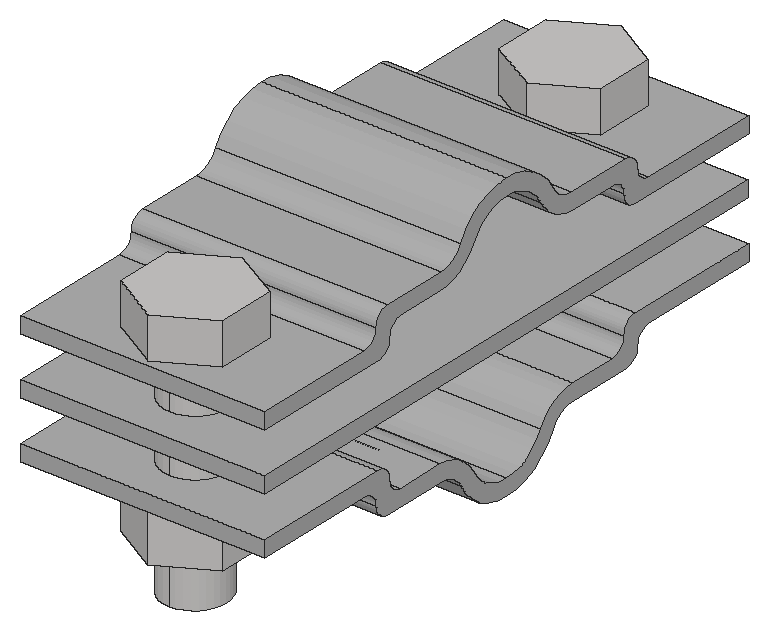
Revit family "DF_ЗажимПараллельный_Полоса_Пруток_90557_EZETEK", category Соединительные детали воздуховодов, Revit 2017
Family settings
  Размер круглого соединителя = Использовать радиус
  Тип детали = Соединение
  На основе рабочей плоскости = Нет
  Всегда вертикально = Да
  При загрузке вырезать с полостями = Нет
  Общий = Нет
Parameters (values of type "ЗажимПараллельный_Полоса_Пруток_СтальОцинкованная_90557")
  Угол = 90.00°  # constant formula
  Тип = FA_ЗажимПараллельный_Полоса-Пруток_Полоса-Пруток_90557_EZETEK : ЗажимПараллельный_Полоса-Пруток_Полоса-Пруток_СтальОцинкованная
  Смещение_Коннекторы_Длина [instance] = if(Графика_Сместить_ПоДлине, 50 mm, 1 mm)  # 50 mm
  Смещение_Коннекторы_По вертикали [instance] = if(Графика_Сместить_ПоВертикали, 7 mm, 0 mm)  # 7 mm
  СфераОшибки [instance] = if(or(ADSK_Размер_Радиус > 5 mm, ADSK_Размер_Радиус < 4 mm, ADSK_Размер_Ширина > 40 mm), 1 = 1, 1 = 0)  # no
  Предупреждение [instance] = if(СфераОшибки, "Допустимые диаметры стержней: 8, 10", "")  # ""
  Описание = "Зажим позволяет выполнить соединение в параллельном направлении полосы шириной до 40 мм и прутка 8-10 мм, а также осуществить переход с полосы на пруток."  # constant formula
  Группа модели = "Зажимы"  # constant formula
  Графика_Сместить_ПоДлине [instance] = yes
  Графика_Сместить_ПоВертикали [instance] = yes
  Производитель_Контакты = "ezetek@ezetek.ru"  # constant formula
  built-in parameter 1114242 [instance] = 1 = 0  # (empty or 0)
  Изготовитель = "Ezetek"  # constant formula
  URL = "https://ezetek.ru/"
  R_Error [instance] = if(СфераОшибки, 200 mm, 1 mm)  # 1 mm
  R [instance] = if(ADSK_Размер_Радиус > 5 mm, 5 mm, ADSK_Размер_Радиус)  # 5 mm
  ADSK_Этаж [instance] = ""
  ADSK_Размер_Ширина [instance] = 25 mm
  ADSK_Размер_Радиус [instance] = 5 mm
  ADSK_Размер_Диаметр [instance] = ADSK_Размер_Радиус * 2  # 10 mm
  ADSK_Размер_Высота [instance] = 4 mm
  ADSK_Примечание [instance] = "Неспецифицируемое"  # constant formula
  ADSK_Позиция [instance] = "Неспецифицируемое"  # constant formula
  ADSK_Обозначение = "Неспецифицируемое"  # constant formula
  ADSK_Наименование краткое [instance] = "Неспецифицируемое"  # constant formula
  ADSK_Наименование = "Неспецифицируемое"  # constant formula
  ADSK_Материал = BIMLIB_Сталь_Оцинкованная_EZETEK
  ADSK_Масса_Текст = "Неспецифицируемое"  # constant formula
  ADSK_Масса = 0  # constant formula
  ADSK_Марка = "Неспецифицируемое"  # constant formula
  ADSK_Количество = 0  # constant formula
  ADSK_Код изделия = "Неспецифицируемое"  # constant formula
  ADSK_Завод-изготовитель = "Неспецифицируемое"  # constant formula
  ADSK_Единица измерения = "Неспецифицируемое"  # constant formula
  ADSK_Группирование [instance] = ""
  ADSK_Версия Revit = "2017"  # constant formula
Reference planes
  plane 1 "По центру (Вперед/Назад)": y = 0
  plane 2: z = 0
  plane 3 "По центру (Влево/Вправо)": x = 0
  plane 4 "U": z = 7
  plane 5 "L": z = -7
  plane 6: z = -9.5
  plane 7: x = 0
Forms (mm)
  Revolve 1, solid, visible <- "СфераОшибки"
    sketch origin (0, 0, 0) x (1, 0, 0) y (0, 1, 0)
      loop
        arc (1, 0) -> (0, 1) -> (-1, 0) r 1
        line (-1, 0) -> (1, 0)
      axis (1, 0) -> (-1, 0)
    angle from 0 to 360
Lines and regions (mm)
  reference lines
    curve 1: line (-1, 0, 7) -> (50, 0, 7)
    curve 2: line (1, 0, -7) -> (-50, 0, -7)
Dimensions and locks
  "Смещение_Коннекторы_По вертикали": plane 4 "U" to plane 2 to plane 5 "L"
  locked: curve 1 to plane 7 at 1
  "Смещение_Коннекторы_Длина": plane 3 "По центру (Влево/Вправо)" to curve 1
  locked: plane 7 to curve 2 at 1
  "Смещение_Коннекторы_Длина": curve 2 to plane 3 "По центру (Влево/Вправо)"
  "R_Error": radius of Revolve 1 sketch curve
  aligned and locked: level to plane 2
  aligned and locked: curve 1 to plane 4 "U"
  aligned and locked: plane 1 "По центру (Вперед/Назад)" to Revolve 1 sketch curve  (x2)
Automatic sketch dimensions
  plane 1 "По центру (Вперед/Назад)" to curve 1 = 0 mm
  plane 1 "По центру (Вперед/Назад)" to curve 2 = 0 mm
  plane 1 "По центру (Вперед/Назад)" to Revolve 1 sketch curve = 0 mm
  Revolve 1 sketch curve to plane 3 "По центру (Влево/Вправо)" = 0 mm
  Revolve 1 sketch curve to Revolve 1 sketch curve = 42.294 mm
  Revolve 1 sketch curve to Revolve 1 sketch curve = 33.119 mm
Nested families
  nested 1: "FA_ЗажимПараллельный_Полоса-Пруток_Полоса-Пруток_90557_EZETEK" at (0, 0, 0) x (0, 1, 0) z (0, 0, 1), type <- "Тип", ADSK_Этаж <- "ADSK_Этаж", ADSK_Группирование <- "ADSK_Группирование", type "ЗажимПараллельный_Полоса-Пруток_Полоса-Пруток_СтальОцинкованная", detail levels fine
    with Сместить yes, Использовать масштаб аннотаций 0, ADSK_Этаж "", ADSK_Примечание "", ADSK_Позиция "", ADSK_Наименование краткое "Зажим заземления", ADSK_Группирование ""
Connectors
  hvac at (50, 0, 7), driven by "ADSK_Размер_Высота", driven by "ADSK_Размер_Ширина"
    settings: on curve 1, index 2, duct flow 0.0 L/s, flow factor 0, pres drop 0.0 Pa, loss coef 0, conn angle 0.00°, conn width 25 mm, conn height 4 mm, conn diameter 10 mm, duct sys type 1, conn prof type 1, flow config 0, flow direction 0, loss method 0, conn ref index 4, conn util no, is conn primary yes, conn desc ""
  hvac at (-50, 0, -7), driven by "ADSK_Размер_Радиус", driven by "Угол"
    settings: on curve 2, index 4, duct flow 0.0 L/s, flow factor 0, pres drop 0.0 Pa, loss coef 0, conn angle 90.00°, conn width 304.8 mm, conn height 304.8 mm, conn diameter 10 mm, duct sys type 1, conn prof type 0, flow config 0, flow direction 0, loss method 0, conn ref index 2, conn util no, is conn primary no, conn desc ""
Definition of nested family "FA_ЗажимПараллельный_Полоса-Пруток_Полоса-Пруток_90557_EZETEK"
  Parameters (values of type "ЗажимПараллельный_Полоса-Пруток_Полоса-Пруток_СтальОцинкованная_90557")
    Угол = 90.00°  # constant formula
    Сместить [instance] = yes
    Производитель_Контакты = "ezetek@ezetek.ru"  # constant formula
    Description = "Зажим позволяет выполнить соединение в параллельном направлении полосы шириной до 40 мм и прутка 8-10 мм, а также осуществить переход с полосы на пруток."  # constant formula
    Использовать масштаб аннотаций [instance] = 1 = 0  # 0
    Manufacturer = "Ezetek"  # constant formula
    Model = "Зажимы"  # constant formula
    URL = "https://ezetek.ru/"
    ADSK_Этаж [instance] = ""
    ADSK_Примечание [instance] = ""
    ADSK_Позиция [instance] = ""
    ADSK_Обозначение = "90557"
    ADSK_Наименование краткое [instance] = "Зажим соединительный"
    ADSK_Наименование = "Зажим соединительный полоса/пруток — полоса/пруток параллельный, оцинк.\r\nПроизводитель: EZETEK"
    ADSK_Материал = none
    ADSK_Масса_Текст = "0.14"  # constant formula
    ADSK_Масса = 0.14  # constant formula
    ADSK_Марка = "90557"
    ADSK_Количество = 1  # constant formula
    ADSK_Код изделия = "90557"
    ADSK_Завод-изготовитель = "Ezetek"  # constant formula
    ADSK_Единица измерения = "шт."  # constant formula
    ADSK_Группирование [instance] = ""
    ADSK_Версия Revit = "2017"  # constant formula
  Reference planes
    plane 1 "По центру (Вперед/Назад)": y = 0
    plane 2: z = 0
    plane 3 "По центру (Влево/Вправо)": x = 0
    plane 4: z = 1
    plane 5: z = -1
    plane 6: z = 8
    plane 7 "Up": z = 6
    plane 8: z = -6
    plane 9: z = -8
    plane 10: z = 13
    plane 11: z = -14.4
    plane 12: z = -20.4
    plane 13: z = 7
    plane 14: z = -7
    plane 15 "M": y = 0
    plane 16 "U": z = 9.5
    plane 17 "L": z = -9.5
    plane 18: z = -9.5
    plane 19: x = 0
    plane 20: x = -37
    plane 21: x = 37
    plane 22: x = -29
    plane 23: x = 29
  Forms (mm)
    Extrusion 1, solid, material <- "ADSK_Материал", detail levels fine
      sketch origin (0, 0, 0) x (1, 0, 0) y (0, 1, 0)
        loop
          line (-37, 15) -> (-37, -15) -> (37, -15) -> (37, 15) -> (-37, 15)
      from 1 to -1
    Extrusion 2, solid, detail levels fine
      sketch origin (15, 0, 0) x (1, 0, 0) y (0, 1, 0)
        loop
          circle (-44, 0) r 3.9
      from 8 to -20.4
    Blend 3, solid, material <- "ADSK_Материал", detail levels fine
      base sketch origin (0, 0, 0) x (1, 0, 0) y (0, 0, 1)
        loop
          arc (-19.745, 6) -> (-18.507, 6.513) -> (-17.995, 7.75) r 1.75
          arc (-17.995, 7.75) -> (-17.482, 8.987) -> (-16.245, 9.5) r 1.75
          line (-16.245, 9.5) -> (-10.186, 9.5)
          arc (-10.186, 9.5) -> (-7.32, 10.281) -> (-5.248, 12.409) r 5.646
          arc (-5.248, 12.409) -> (-3.045, 14.67) -> (0, 15.5) r 6
          arc (0, 15.5) -> (3.045, 14.67) -> (5.248, 12.409) r 6
          arc (5.248, 12.409) -> (7.32, 10.281) -> (10.186, 9.5) r 5.646
          line (10.186, 9.5) -> (16.245, 9.5)
          arc (16.245, 9.5) -> (17.482, 8.987) -> (17.995, 7.75) r 1.75
          arc (17.995, 7.75) -> (18.507, 6.513) -> (19.745, 6) r 1.75
          line (19.745, 6) -> (37, 6) -> (37, 8) -> (21.745, 8)
          arc (21.745, 8) -> (20.507, 8.513) -> (19.995, 9.75) r 1.75
          arc (19.995, 9.75) -> (19.482, 10.987) -> (18.245, 11.5) r 1.75
          line (18.245, 11.5) -> (10.001, 11.5)
          arc (10.001, 11.5) -> (8.285, 11.975) -> (7.059, 13.265) r 3.335
          arc (7.059, 13.265) -> (4.116, 16.36) -> (0, 17.5) r 8
          arc (0, 17.5) -> (-4.116, 16.36) -> (-7.059, 13.265) r 8
          arc (-7.059, 13.265) -> (-8.285, 11.975) -> (-10.001, 11.5) r 3.335
          line (-10.001, 11.5) -> (-18.245, 11.5)
          arc (-18.245, 11.5) -> (-19.482, 10.987) -> (-19.995, 9.75) r 1.75
          arc (-19.995, 9.75) -> (-20.507, 8.513) -> (-21.745, 8) r 1.75
          line (-21.745, 8) -> (-37, 8) -> (-37, 6) -> (-19.745, 6)
      top sketch origin (0, 0, 0) x (1, 0, 0) y (0, 0, 1)
        loop
          arc (-19.745, 6) -> (-18.507, 6.513) -> (-17.995, 7.75) r 1.75
          arc (-17.995, 7.75) -> (-17.482, 8.987) -> (-16.245, 9.5) r 1.75
          line (-16.245, 9.5) -> (-10.186, 9.5)
          arc (-10.186, 9.5) -> (-7.32, 10.281) -> (-5.248, 12.409) r 5.646
          arc (-5.248, 12.409) -> (-3.045, 14.67) -> (0, 15.5) r 6
          arc (0, 15.5) -> (3.045, 14.67) -> (5.248, 12.409) r 6
          arc (5.248, 12.409) -> (7.32, 10.281) -> (10.186, 9.5) r 5.646
          line (10.186, 9.5) -> (16.245, 9.5)
          arc (16.245, 9.5) -> (17.482, 8.987) -> (17.995, 7.75) r 1.75
          arc (17.995, 7.75) -> (18.507, 6.513) -> (19.745, 6) r 1.75
          line (19.745, 6) -> (37, 6) -> (37, 8) -> (21.745, 8)
          arc (21.745, 8) -> (20.507, 8.513) -> (19.995, 9.75) r 1.75
          arc (19.995, 9.75) -> (19.482, 10.987) -> (18.245, 11.5) r 1.75
          line (18.245, 11.5) -> (10.001, 11.5)
          arc (10.001, 11.5) -> (8.285, 11.975) -> (7.059, 13.265) r 3.335
          arc (7.059, 13.265) -> (4.116, 16.36) -> (0, 17.5) r 8
          arc (0, 17.5) -> (-4.116, 16.36) -> (-7.059, 13.265) r 8
          arc (-7.059, 13.265) -> (-8.285, 11.975) -> (-10.001, 11.5) r 3.335
          line (-10.001, 11.5) -> (-18.245, 11.5)
          arc (-18.245, 11.5) -> (-19.482, 10.987) -> (-19.995, 9.75) r 1.75
          arc (-19.995, 9.75) -> (-20.507, 8.513) -> (-21.745, 8) r 1.75
          line (-21.745, 8) -> (-37, 8) -> (-37, 6) -> (-19.745, 6)
      from 15 to -15
    Extrusion 4, solid, detail levels fine
      sketch origin (7, 0, 0) x (1, 0, 0) y (0, 1, 0)
        loop
          line (-39.603, 6.24) -> (-43.205, 0) -> (-39.603, -6.24) -> (-32.397, -6.24) -> (-28.795, 0) -> (-32.397, 6.24) -> (-39.603, 6.24)
      from 13 to 8
    Extrusion 5, solid, detail levels fine
      sketch origin (7, 0, 0) x (1, 0, 0) y (0, 1, 0)
        loop
          line (-39.603, 6.24) -> (-43.205, 0) -> (-39.603, -6.24) -> (-32.397, -6.24) -> (-28.795, 0) -> (-32.397, 6.24) -> (-39.603, 6.24)
      from -8 to -14.4
    Extrusion 6, solid, detail levels fine
      sketch origin (-15, 0, 0) x (-1, 0, 0) y (0, -1, 0)
        loop
          circle (-44, 0) r 3.9
      from 8 to -17.11
    Extrusion 7, solid, detail levels fine
      sketch origin (-7, 0, 0) x (-1, 0, 0) y (0, -1, 0)
        loop
          line (-39.603, -6.24) -> (-32.397, -6.24) -> (-28.795, 0) -> (-32.397, 6.24) -> (-39.603, 6.24) -> (-43.205, 0) -> (-39.603, -6.24)
      from 13 to 8
    Extrusion 8, solid, detail levels fine
      sketch origin (-7, 0, 0) x (-1, 0, 0) y (0, -1, 0)
        loop
          line (-39.603, -6.24) -> (-32.397, -6.24) -> (-28.795, 0) -> (-32.397, 6.24) -> (-39.603, 6.24) -> (-43.205, 0) -> (-39.603, -6.24)
      from -8 to -14.4
    Blend 9, solid, material <- "ADSK_Материал", detail levels fine
      base sketch origin (0, 0, 0) x (1, 0, 0) y (0, 0, 1)
        loop
          line (-19.745, -6) -> (-37, -6) -> (-37, -8) -> (-21.745, -8)
          arc (-21.745, -8) -> (-20.507, -8.513) -> (-19.995, -9.75) r 1.75
          arc (-19.995, -9.75) -> (-19.482, -10.987) -> (-18.245, -11.5) r 1.75
          line (-18.245, -11.5) -> (-10.001, -11.5)
          arc (-10.001, -11.5) -> (-8.285, -11.975) -> (-7.059, -13.265) r 3.335
          arc (-7.059, -13.265) -> (-4.116, -16.36) -> (0, -17.5) r 8
          arc (0, -17.5) -> (4.116, -16.36) -> (7.059, -13.265) r 8
          arc (7.059, -13.265) -> (8.285, -11.975) -> (10.001, -11.5) r 3.335
          line (10.001, -11.5) -> (18.245, -11.5)
          arc (18.245, -11.5) -> (19.482, -10.987) -> (19.995, -9.75) r 1.75
          arc (19.995, -9.75) -> (20.507, -8.513) -> (21.745, -8) r 1.75
          line (21.745, -8) -> (37, -8) -> (37, -6) -> (19.745, -6)
          arc (19.745, -6) -> (18.507, -6.513) -> (17.995, -7.75) r 1.75
          arc (17.995, -7.75) -> (17.482, -8.987) -> (16.245, -9.5) r 1.75
          line (16.245, -9.5) -> (10.186, -9.5)
          arc (10.186, -9.5) -> (7.32, -10.281) -> (5.248, -12.409) r 5.646
          arc (5.248, -12.409) -> (3.045, -14.67) -> (0, -15.5) r 6
          arc (0, -15.5) -> (-3.045, -14.67) -> (-5.248, -12.409) r 6
          arc (-5.248, -12.409) -> (-7.32, -10.281) -> (-10.186, -9.5) r 5.646
          line (-10.186, -9.5) -> (-16.245, -9.5)
          arc (-16.245, -9.5) -> (-17.482, -8.987) -> (-17.995, -7.75) r 1.75
          arc (-17.995, -7.75) -> (-18.507, -6.513) -> (-19.745, -6) r 1.75
      top sketch origin (0, 0, 0) x (1, 0, 0) y (0, 0, 1)
        loop
          line (-19.745, -6) -> (-37, -6) -> (-37, -8) -> (-21.745, -8)
          arc (-21.745, -8) -> (-20.507, -8.513) -> (-19.995, -9.75) r 1.75
          arc (-19.995, -9.75) -> (-19.482, -10.987) -> (-18.245, -11.5) r 1.75
          line (-18.245, -11.5) -> (-10.001, -11.5)
          arc (-10.001, -11.5) -> (-8.285, -11.975) -> (-7.059, -13.265) r 3.335
          arc (-7.059, -13.265) -> (-4.116, -16.36) -> (0, -17.5) r 8
          arc (0, -17.5) -> (4.116, -16.36) -> (7.059, -13.265) r 8
          arc (7.059, -13.265) -> (8.285, -11.975) -> (10.001, -11.5) r 3.335
          line (10.001, -11.5) -> (18.245, -11.5)
          arc (18.245, -11.5) -> (19.482, -10.987) -> (19.995, -9.75) r 1.75
          arc (19.995, -9.75) -> (20.507, -8.513) -> (21.745, -8) r 1.75
          line (21.745, -8) -> (37, -8) -> (37, -6) -> (19.745, -6)
          arc (19.745, -6) -> (18.507, -6.513) -> (17.995, -7.75) r 1.75
          arc (17.995, -7.75) -> (17.482, -8.987) -> (16.245, -9.5) r 1.75
          line (16.245, -9.5) -> (10.186, -9.5)
          arc (10.186, -9.5) -> (7.32, -10.281) -> (5.248, -12.409) r 5.646
          arc (5.248, -12.409) -> (3.045, -14.67) -> (0, -15.5) r 6
          arc (0, -15.5) -> (-3.045, -14.67) -> (-5.248, -12.409) r 6
          arc (-5.248, -12.409) -> (-7.32, -10.281) -> (-10.186, -9.5) r 5.646
          line (-10.186, -9.5) -> (-16.245, -9.5)
          arc (-16.245, -9.5) -> (-17.482, -8.987) -> (-17.995, -7.75) r 1.75
          arc (-17.995, -7.75) -> (-18.507, -6.513) -> (-19.745, -6) r 1.75
      from 15 to -15
  Dimensions and locks
    locked: plane 2 to plane 5 at 1
    locked: plane 4 to plane 2 at 1
    plane 4 to plane 5 = 2 mm
    locked: plane 6 to plane 7 "Up" at 2
    locked: plane 8 to plane 9 at 2
    locked: plane 10 to plane 6 at 5
    locked: plane 7 "Up" to plane 4 at 5
    locked: plane 5 to plane 8 at 5
    locked: plane 9 to plane 11 at 6.4
    locked: plane 11 to plane 12 at 6
    equal spacing: plane 6, plane 13, plane 7 "Up"
    equal spacing: plane 8, plane 14, plane 9
    locked: plane 20 to plane 3 "По центру (Влево/Вправо)" at 37
    locked: plane 21 to plane 3 "По центру (Влево/Вправо)" at 37
    locked: plane 22 to plane 3 "По центру (Влево/Вправо)" at 29
    locked: plane 23 to plane 3 "По центру (Влево/Вправо)" at 29
    aligned and locked: level to plane 2
    aligned and locked: Extrusion 1 to plane 5
    aligned and locked: plane 4 to Extrusion 1
    aligned and locked: plane 6 to Extrusion 2
    aligned and locked: Extrusion 2 to plane 12
    aligned and locked: Extrusion 1 sketch curve to plane 20
    aligned and locked: Extrusion 1 sketch curve to plane 21
  Automatic sketch dimensions
    plane 1 "По центру (Вперед/Назад)" to Extrusion 1 sketch curve = 15 mm
    Extrusion 1 sketch curve to plane 1 "По центру (Вперед/Назад)" = 15 mm
    plane 1 "По центру (Вперед/Назад)" to Extrusion 2 sketch curve = 0 mm
    Extrusion 2 sketch curve to plane 22 = 0 mm
    Blend 3 sketch curve to Blend 3 sketch curve = 0 mm  (x28)
    Blend 3 sketch curve to plane 7 "Up" = 0 mm  (x4)
    plane 20 to Blend 3 sketch curve = 0 mm  (x2)
    Blend 3 sketch curve to plane 6 = 0 mm  (x4)
    Blend 3 sketch curve to plane 16 "U" = 0 mm  (x6)
    Blend 3 sketch curve to plane 3 "По центру (Влево/Вправо)" = 0 mm  (x2)
    Blend 3 sketch curve to plane 21 = 0 mm  (x2)
    Blend 3 sketch curve to plane 22 = 7.255 mm  (x2)
    Blend 3 sketch curve to Blend 3 sketch curve = 2 mm  (x6)
    plane 16 "U" to Blend 3 sketch curve = 0.25 mm  (x4)
    Blend 3 sketch curve to Blend 3 sketch curve = 1.75 mm  (x6)
    Blend 3 sketch curve to Blend 3 sketch curve = 6.059 mm  (x4)
    Blend 3 sketch curve to Blend 3 sketch curve = 0.185 mm  (x4)
    plane 10 to Blend 3 sketch curve = 1.835 mm  (x3)
    plane 3 "По центру (Влево/Вправо)" to Blend 3 sketch curve = 10.001 mm  (x2)
    Blend 3 sketch curve to plane 6 = 0.25 mm  (x4)
    Blend 3 sketch curve to plane 10 = 1.5 mm  (x4)
    Blend 3 sketch curve to Blend 3 sketch curve = 0.311 mm  (x4)
    plane 10 to Blend 3 sketch curve = 2.146 mm
    plane 1 "По центру (Вперед/Назад)" to Extrusion 4 sketch curve = 0 mm  (x2)
    Extrusion 4 sketch curve to plane 20 = 0.795 mm
    plane 22 to Extrusion 4 sketch curve = 3.603 mm  (x2)
    Extrusion 4 sketch curve to plane 22 = 3.603 mm  (x2)
    Extrusion 4 sketch curve to plane 22 = 7.205 mm
    plane 1 "По центру (Вперед/Назад)" to Extrusion 4 sketch curve = 6.24 mm
    Extrusion 4 sketch curve to plane 1 "По центру (Вперед/Назад)" = 6.24 mm
    plane 1 "По центру (Вперед/Назад)" to Extrusion 5 sketch curve = 0 mm  (x2)
    Extrusion 5 sketch curve to plane 20 = 0.795 mm
    plane 22 to Extrusion 5 sketch curve = 3.603 mm  (x2)
    Extrusion 5 sketch curve to plane 22 = 3.603 mm  (x2)
    Extrusion 5 sketch curve to plane 22 = 7.205 mm
    plane 1 "По центру (Вперед/Назад)" to Extrusion 5 sketch curve = 6.24 mm
    Extrusion 5 sketch curve to plane 1 "По центру (Вперед/Назад)" = 6.24 mm
    plane 1 "По центру (Вперед/Назад)" to Extrusion 6 sketch curve = 0 mm
    Extrusion 6 sketch curve to plane 23 = 0 mm
    plane 1 "По центру (Вперед/Назад)" to Extrusion 7 sketch curve = 0 mm  (x2)
    plane 21 to Extrusion 7 sketch curve = 0.795 mm
    Extrusion 7 sketch curve to plane 23 = 3.603 mm  (x2)
    plane 23 to Extrusion 7 sketch curve = 3.603 mm  (x2)
    plane 23 to Extrusion 7 sketch curve = 7.205 mm
    Extrusion 7 sketch curve to plane 1 "По центру (Вперед/Назад)" = 6.24 mm
    plane 1 "По центру (Вперед/Назад)" to Extrusion 7 sketch curve = 6.24 mm
    plane 1 "По центру (Вперед/Назад)" to Extrusion 8 sketch curve = 0 mm  (x2)
    plane 21 to Extrusion 8 sketch curve = 0.795 mm
    Extrusion 8 sketch curve to plane 23 = 3.603 mm  (x2)
    plane 23 to Extrusion 8 sketch curve = 3.603 mm  (x2)
    plane 23 to Extrusion 8 sketch curve = 7.205 mm
    Extrusion 8 sketch curve to plane 1 "По центру (Вперед/Назад)" = 6.24 mm
    plane 1 "По центру (Вперед/Назад)" to Extrusion 8 sketch curve = 6.24 mm
    Blend 9 sketch curve to Blend 9 sketch curve = 0 mm  (x28)
    Blend 9 sketch curve to plane 8 = 0 mm  (x4)
    plane 20 to Blend 9 sketch curve = 0 mm  (x2)
    Blend 9 sketch curve to plane 9 = 0 mm  (x4)
    Blend 9 sketch curve to plane 17 "L" = 0 mm  (x6)
    Blend 9 sketch curve to plane 3 "По центру (Влево/Вправо)" = 0 mm  (x2)
    Blend 9 sketch curve to plane 21 = 0 mm  (x2)
    Blend 9 sketch curve to plane 22 = 7.255 mm  (x2)
    Blend 9 sketch curve to Blend 9 sketch curve = 2 mm  (x6)
    Blend 9 sketch curve to plane 17 "L" = 0.25 mm  (x4)
    Blend 9 sketch curve to Blend 9 sketch curve = 1.75 mm  (x8)
    Blend 9 sketch curve to Blend 9 sketch curve = 6.059 mm  (x4)
    Blend 9 sketch curve to Blend 9 sketch curve = 0.185 mm  (x4)
    Blend 9 sketch curve to plane 11 = 0.435 mm
    plane 3 "По центру (Влево/Вправо)" to Blend 9 sketch curve = 10.001 mm  (x2)
    plane 9 to Blend 9 sketch curve = 0.25 mm  (x4)
    Blend 9 sketch curve to Blend 9 sketch curve = 0.311 mm  (x4)
    Blend 9 sketch curve to plane 11 = 0.746 mm  (x3)
    Blend 9 sketch curve to plane 17 "L" = 2 mm  (x2)
    radius of Extrusion 2 sketch curve = 3.9 mm
    radius of Extrusion 6 sketch curve = 3.9 mm
